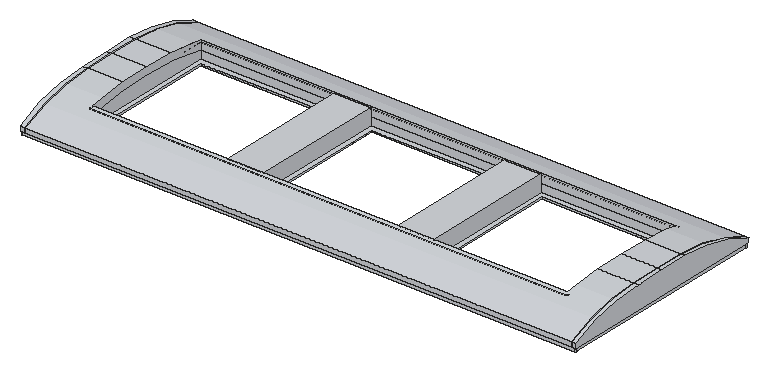
Revit family "Gira_0213776", category Electrical Fixtures, host Face, Revit 2017
Family settings
  Host = Face
  Maintain Annotation Orientation = No
  Round Connector Dimension = Use Diameter
  Part Type = Normal
  Cut with Voids When Loaded = No
  Shared = No
  Room Calculation Point = No
Parameters (values of type "Abdeckrahmen 3f Zwischenr. F Alu Gira Event Klar Sand")
  Werkstoffgüte = "Thermoplast"
  Werkstoff = "Kunststoff"
  URL = "http://katalog.gira.de/de_DE/datenblatt.html?artikelnr=0213776"
  Transparent = "No"
  Textfeld/Beschriftungsfläche = "No"
  Schutzart (IP) = "IP20"
  Region = "DE"
  Oberfläche = "sonstige"
  Name = "Abdeckrahmen 3f Zwischenr. F Alu Gira Event Klar Sand"
  Montagerichtung = "horizontal und vertikal"
  Mit Montagerahmen = "No"
  Mit Klappdeckel = "No"
  Manufacturer URL = "https://www.gira.de/"
  Keynote = "Event_Rahmen_3fach"
  HeinzeBIM = "https://bimportal.heinze.de/bim/abdeckrahmen-3f-zwischenr-f-alu-gira-event-klar-sand/d08ce8fd07b4eaae26e2399402d2b7e51abaf1fb"
  Halogenfrei = "Yes"
  HAN = "0213776"
  Geeignet für Unterputz-Installation = "Yes"
  Geeignet für Unterflurkanaldose = "No"
  Geeignet für Geräteeinbaukanal = "No"
  Geeignet für Einbauinstallation = "No"
  GTIN = "4010337069614"
  Farbe = "sonstige"
  Default Elevation = 1219.2 mm
  Data sheet (1) = "https://katalog.gira.de/de_DE/download.html?artikelnr=0213776"
  Category = "Abdeckrahmen"
  Befestigungsart = "Klemmbefestigung"
  Available = "Yes"
  Ausführung der Oberfläche = "glänzend"
  Anzahl der Einheiten vertikal = "3 "
  Anzahl der Einheiten horizontal = "3 "
  Anzahl der Einheiten = "3 "
Reference planes
  plane 1 "Center (Front/Back)": y = 0
  plane 2: z = 0
  plane 3 "Center (Left/Right)": x = 0
Forms (mm)
  Extrusion 1, solid, detail levels fine
    sketch origin (0, 0, 0.05) x (0, 1, 0) y (0, 0, 1)
      loop
        arc (12.445, 9.683) -> (6.223, 9.833) -> (0, 9.85) r 291.636
        arc (0, 9.85) -> (-6.223, 9.833) -> (-12.445, 9.683) r 291.636
        arc (-12.445, 9.683) -> (-29.14, 7.482) -> (-45, 1.823) r 79.728
        line (-45, 1.823) -> (-45, -0.05) -> (-42.086, -0.05)
        arc (-42.086, -0.05) -> (-21.385, 5.559) -> (0, 7.206) r 114.424
        arc (0, 7.206) -> (21.385, 5.559) -> (42.086, -0.05) r 114.424
        line (42.086, -0.05) -> (45, -0.05) -> (45, 1.823)
        arc (45, 1.823) -> (29.14, 7.482) -> (12.445, 9.683) r 79.728
    from -114.3 to 114.3
  Extrusion 2, void, detail levels fine
    sketch origin (0, 0, 0) x (1, 0, 0) y (0, 1, 0)
      loop
        line (-99.355, -28.053) -> (99.355, -28.053) -> (99.355, 28.053) -> (-99.355, 28.053) -> (-99.355, -28.053)
    from 0.724 to 11
  Extrusion 3, solid, detail levels coarse
    sketch origin (0, 0, 0) x (1, 0, 0) y (0, 1, 0)
      loop
        line (-116.3, 45) -> (-116.3, -45) -> (116.3, -45) -> (116.3, 45) -> (-116.3, 45)
    from -1.5 to 9.9
  Extrusion 4, solid, detail levels medium
    sketch origin (0, 0, 0.05) x (0, 1, 0) y (0, 0, 1)
      loop
        arc (12.445, 9.683) -> (6.223, 9.833) -> (0, 9.85) r 291.636
        arc (0, 9.85) -> (-6.223, 9.833) -> (-12.445, 9.683) r 291.636
        arc (-12.445, 9.683) -> (-29.14, 7.482) -> (-45, 1.823) r 79.728
        line (-45, 1.823) -> (-45, -0.05) -> (45, -0.05) -> (45, 1.823)
        arc (45, 1.823) -> (29.14, 7.482) -> (12.445, 9.683) r 79.728
    from -116.3 to 116.3
  Extrusion 5, solid, detail levels fine
    sketch origin (-71.3, 0, -1.5) x (0, 1, 0) y (0, 0, -1)
      loop
        line (45, -3.373) -> (45, -1.5) -> (-45, -1.5) -> (-45, -3.373)
        arc (-45, -3.373) -> (-29.14, -9.032) -> (-12.445, -11.233) r 79.728
        arc (-12.445, -11.233) -> (-6.223, -11.383) -> (0, -11.4) r 291.636
        arc (0, -11.4) -> (6.223, -11.383) -> (12.445, -11.233) r 291.636
        arc (12.445, -11.233) -> (29.14, -9.032) -> (45, -3.373) r 79.728
    from 43 to 45
  Extrusion 6, solid, detail levels fine
    sketch origin (0, 0, 0) x (1, 0, 0) y (0, 1, 0)
      loop
        line (-97.195, 25.7) -> (-97.195, -25.7) -> (-45.395, -25.7) -> (-45.395, 25.7) -> (-97.195, 25.7)
      loop
        line (25.9, -25.7) -> (25.9, 25.7) -> (-25.9, 25.7) -> (-25.9, -25.7) -> (25.9, -25.7)
      loop
        line (-100.19, 28.49) -> (-100.19, -28.495)
        spline (-100.19, -28.495) -> (-100.181, -28.625) -> (-100.156, -28.754) -> (-100.113, -28.878) -> (-100.056, -28.995) -> (-99.983, -29.104) -> (-99.897, -29.202) -> (-99.798, -29.288) -> (-99.69, -29.361) -> (-99.572, -29.419) -> (-99.448, -29.461) -> (-99.32, -29.486) -> (-99.19, -29.495)
        line (-99.19, -29.495) -> (99.195, -29.495)
        spline (99.195, -29.495) -> (99.325, -29.486) -> (99.454, -29.461) -> (99.578, -29.419) -> (99.695, -29.361) -> (99.804, -29.288) -> (99.902, -29.202) -> (99.988, -29.104) -> (100.061, -28.995) -> (100.119, -28.878) -> (100.161, -28.754) -> (100.186, -28.625) -> (100.195, -28.495)
        line (100.195, -28.495) -> (100.195, 28.49)
        spline (100.195, 28.49) -> (100.186, 28.62) -> (100.161, 28.748) -> (100.119, 28.872) -> (100.061, 28.99) -> (99.988, 29.098) -> (99.902, 29.197) -> (99.804, 29.283) -> (99.695, 29.356) -> (99.578, 29.413) -> (99.454, 29.456) -> (99.325, 29.481) -> (99.195, 29.49)
        line (99.195, 29.49) -> (-99.19, 29.49)
        spline (-99.19, 29.49) -> (-99.32, 29.481) -> (-99.448, 29.456) -> (-99.572, 29.413) -> (-99.69, 29.356) -> (-99.798, 29.283) -> (-99.897, 29.197) -> (-99.983, 29.098) -> (-100.056, 28.99) -> (-100.113, 28.872) -> (-100.156, 28.748) -> (-100.181, 28.62) -> (-100.19, 28.49)
      loop
        line (97.2, -25.7) -> (97.2, 25.7) -> (45.4, 25.7) -> (45.4, -25.7) -> (97.2, -25.7)
    from 0.1 to 7.3
  Extrusion 7, solid
    sketch origin (0, 0, 0) x (1, 0, 0) y (0, 1, 0)
      loop
        arc (-116, -44.2) -> (-115.854, -44.554) -> (-115.5, -44.7) r 0.5
        line (-115.5, -44.7) -> (115.5, -44.7)
        arc (115.5, -44.7) -> (115.854, -44.554) -> (116, -44.2) r 0.5
        line (116, -44.2) -> (116, 44.2)
        arc (116, 44.2) -> (115.854, 44.554) -> (115.5, 44.7) r 0.5
        line (115.5, 44.7) -> (-115.5, 44.7)
        arc (-115.5, 44.7) -> (-115.854, 44.554) -> (-116, 44.2) r 0.5
        line (-116, 44.2) -> (-116, -44.2)
      loop
        line (-114.3, 43) -> (-114.3, -43) -> (114.3, -43) -> (114.3, 43) -> (-114.3, 43)
    from -1.5 to 0.5
  Extrusion 8, solid, detail levels fine
    sketch origin (71.3, 0, -1.5) x (0, 1, 0) y (0, 0, 1)
      loop
        arc (45, 3.373) -> (29.14, 9.032) -> (12.445, 11.233) r 79.728
        arc (12.445, 11.233) -> (6.223, 11.383) -> (0, 11.4) r 291.636
        arc (0, 11.4) -> (-6.223, 11.383) -> (-12.445, 11.233) r 291.636
        arc (-12.445, 11.233) -> (-29.14, 9.032) -> (-45, 3.373) r 79.728
        line (-45, 3.373) -> (-45, 1.5) -> (45, 1.5) -> (45, 3.373)
    from 43 to 45
  Extrusion 9, solid, detail levels medium
    sketch origin (0, 0, 0) x (1, 0, 0) y (0, 1, 0)
      loop
        line (-116, -44.7) -> (116, -44.7) -> (116, 44.7) -> (-116, 44.7) -> (-116, -44.7)
    from -1.5 to 0.5
  Extrusion 10, solid, detail levels fine
    sketch origin (-34.207, 0, 0) x (1, 0, 0) y (0, 1, 0)
      loop
        line (-8.943, 28.063) -> (-8.943, -27.937) -> (6.057, -27.937) -> (6.057, 28.063) -> (-8.943, 28.063)
    from 0.724 to 7.566
  Extrusion 11, solid, detail levels fine
    sketch origin (34.207, 0, 0) x (-1, 0, 0) y (0, -1, 0)
      loop
        line (-8.943, -28.063) -> (6.057, -28.063) -> (6.057, 27.937) -> (-8.943, 27.937) -> (-8.943, -28.063)
    from 0.724 to 7.566
Cuts and joins
  Extrusion 2 cuts Extrusion 1
  Extrusion 2 cuts Extrusion 6
Dimensions and locks
  aligned and locked: plane 2 to host face
  aligned and locked: level to host face
